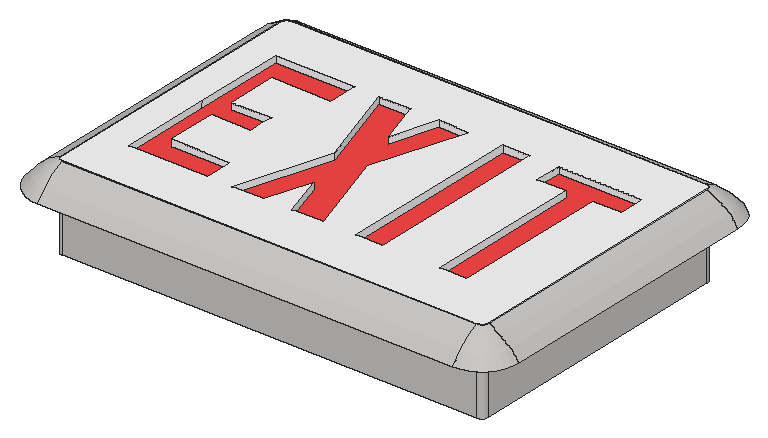
Revit family "SERS", category Lighting Fixtures, host Face, Revit 2014
Parameters (values of type "SERS-R")
  zz Length 1 [instance] = if(Single Face, 0.200", 0.250")  # 0.200"
  Watts = 2.6 W
  Wattage Comments = "2.6W"
  Warranty = "Fixture: 5 Years Full\r\nBattery: 2 Years Full, 8 Years Pro-Rata\r"  # constant formula
  Wall Plate Material = Hubbell - Steel
  Voltage [instance] = if(Is 120VAC, 120 V, 277 V)  # 120 V
  URL = "https://www.hubbell.com/dual-lite/en"
  Type Comments = "Exit Light"  # constant formula
  Single Face = yes
  Product Page URL = "https://www.hubbell.com/dual-lite/en/Products/Lighting-Controls/Emergency-Exit-Lighting/Exit-Message-Signs/SERS-Series/p/222339"
  Product Documentation Link = "https://hubbellcdn.com/specsheet/dlt_sers_specsht.pdf"
  Model = "SEMR"
  Manufacturer = "DUAL-LITE"  # constant formula
  Load Classification = Lighting
  Lens = Hubbell - Red Glass
  Lamp = "LED Lamp"  # constant formula
  Is 277VAC [instance] = not(Is 120VAC)  # no
  Is 120VAC [instance] = yes
  Holder Material = Hubbell - Steel
  Glass = Hubbell - light Glass
  Finish = Hubbell - White
  Features = "The Sempra Recessed series is a compact, low profile, recessed exit\r\nsign. Its two-part design includes exit and rough-in back box make\r\nfor fast, easy installation. It comes with red or green letters, break-out\r\nchevron directional arrows and a variety of colors including: textured\r\nwhite, white with brushed aluminum face, black or black with brushed\r\naluminum face."  # constant formula
  Double Face = yes
  Description = "Recessed exit sign construction is of high-strength cast aluminum in a choice of textured white, white with brushed face, black or black with brushed face finish."  # constant formula
  Default Elevation = 48.000"
  Copyright = "© Hubbell Lighting, Inc.,"
  Certification = "UL 924 Listed\r\nNFPA 101 Life Safety Code\r\nCEC T20 Compliant"  # constant formula
  Application = "The Sempra Recessed series is a compact, low profile, recessed exit\r\nsign. Its two-part design includes exit and rough-in back box make\r\nfor fast, easy installation. It comes with red or green letters, break-out\r\nchevron directional arrows and a variety of colors including: textured\r\nwhite, white with brushed aluminum face, black or black with brushed\r\naluminum face. "  # constant formula
  Apparent Load = Watts  # 2.6 VA
Types (2): name | Lens
  SERS-G | Hubbell - Green Glass
  SERS-R | Hubbell - Red Glass
Reference planes (in)
  plane 1 "Center (Front/Back)": y = 0
  plane 2: z = 0
  plane 3 "Center (Left/Right)": x = 0
  plane 4: z = 0.62992
  plane 5: x = -6.181
  plane 6: x = 6.181
  plane 7: y = 4.25
  plane 8: y = -4.25
  plane 9: z = -1.5
Forms (in)
  Extrusion 1, solid, material "Hubbell - White" <- "Finish"
    sketch origin (0, 0, 0) x (1, 0, 0) y (0, 1, 0)
      loop
        arc (-5.24256, 3.61932) -> (-5.3548, 3.57283) -> (-5.40129, 3.46059) r 0.15873
        line (-5.40129, 3.46059) -> (-5.40129, -3.46059)
        arc (-5.40129, -3.46059) -> (-5.3548, -3.57283) -> (-5.24256, -3.61932) r 0.15873
        line (-5.24256, -3.61932) -> (5.24256, -3.61932)
        arc (5.24256, -3.61932) -> (5.3548, -3.57283) -> (5.40129, -3.46059) r 0.15873
        line (5.40129, -3.46059) -> (5.40129, 3.46059)
        arc (5.40129, 3.46059) -> (5.3548, 3.57283) -> (5.24256, 3.61932) r 0.15873
        line (5.24256, 3.61932) -> (-5.24256, 3.61932)
    from 0.46387 to 0.63
  Sweep 2, solid, material "Hubbell - Steel" <- "Wall Plate Material"
    path in 3D
      loop
        arc (-5.40129, -3.46059, 0.63) -> (-5.3548, -3.57283, 0.63) -> (-5.24256, -3.61932, 0.63) r 0.15873
        line (-5.24256, -3.61932, 0.63) -> (5.24256, -3.61932, 0.63)
        arc (5.24256, -3.61932, 0.63) -> (5.3548, -3.57283, 0.63) -> (5.40129, -3.46059, 0.63) r 0.15873
        line (5.40129, -3.46059, 0.63) -> (5.40129, 3.46059, 0.63)
        arc (5.40129, 3.46059, 0.63) -> (5.3548, 3.57283, 0.63) -> (5.24256, 3.61932, 0.63) r 0.15873
        line (5.24256, 3.61932, 0.63) -> (-5.24256, 3.61932, 0.63)
        arc (-5.24256, 3.61932, 0.63) -> (-5.3548, 3.57283, 0.63) -> (-5.40129, 3.46059, 0.63) r 0.15873
        line (-5.40129, 3.46059, 0.63) -> (-5.40129, -3.46059, 0.63)
    profile origin (-5.40129, 0, 0.63) x (1, 0, 0) y (0, 0, 1)
      loop
        arc (0, 0) -> (-0.43237, -0.26238) -> (-0.77971, -0.63) r 1.89067
        line (-0.77971, -0.63) -> (0, -0.63) -> (0, 0)
  Extrusion 3, void
    sketch origin (0, 0, 0) x (0, 1, 0) y (1, 0, 0)
      loop
        line (2.32082, -2.61391) -> (1.57082, -2.61391) -> (1.57082, -4.11391) -> (0.32082, -4.11391) -> (0.32082, -3.11391) -> (0, -3.11391) -> (-0.32082, -3.11391) -> (-0.32082, -4.11391) -> (-1.57082, -4.11391) -> (-1.57082, -2.61391) -> (-2.32082, -2.61391) -> (-2.32082, -4.61391) -> (0, -4.61391) -> (2.32082, -4.61391) -> (2.32082, -2.61391)
      loop
        line (2.32082, -1.98891) -> (2.32082, -1.18921) -> (1.18794, -0.83564) -> (2.32082, -0.48206) -> (2.32082, 0.31764) -> (0, -0.40669) -> (-2.32082, 0.31764) -> (-2.32082, -0.48206) -> (-1.18794, -0.83564) -> (-2.32082, -1.18921) -> (-2.32082, -1.98891) -> (0, -1.26458) -> (2.32082, -1.98891)
      loop
        line (2.32082, 1.14386) -> (2.32082, 1.82098) -> (-2.32082, 1.82098) -> (-2.32082, 1.14386) -> (2.32082, 1.14386)
      loop
        line (-2.32082, 3.26886) -> (1.66144, 3.26886) -> (1.66144, 2.5366) -> (2.33856, 2.5366) -> (2.33856, 4.67825) -> (1.66144, 4.67825) -> (1.66144, 3.94598) -> (-2.32082, 3.94598) -> (-2.32082, 3.26886)
    from -0.79033 to -0.46387
  Extrusion 4, solid, material "Hubbell - Red Glass" <- "Lens"
    sketch origin (0, 0, 0) x (1, 0, 0) y (0, 1, 0)
      loop
        line (5.24256, 3.61932) -> (-5.24256, 3.61932)
        arc (-5.24256, 3.61932) -> (-5.3548, 3.57283) -> (-5.40129, 3.46059) r 0.15873
        line (-5.40129, 3.46059) -> (-5.40129, -3.46059)
        arc (-5.40129, -3.46059) -> (-5.3548, -3.57283) -> (-5.24256, -3.61932) r 0.15873
        line (-5.24256, -3.61932) -> (5.24256, -3.61932)
        arc (5.24256, -3.61932) -> (5.3548, -3.57283) -> (5.40129, -3.46059) r 0.15873
        line (5.40129, -3.46059) -> (5.40129, 3.46059)
        arc (5.40129, 3.46059) -> (5.3548, 3.57283) -> (5.24256, 3.61932) r 0.15873
    from 0 to 0.46387
  Extrusion 5, solid, material "Hubbell - Steel" <- "Wall Plate Material"
    sketch origin (0, 0, 0) x (1, 0, 0) y (0, 1, 0)
      loop
        line (5.24256, 3.61932) -> (-5.24256, 3.61932)
        arc (-5.24256, 3.61932) -> (-5.3548, 3.57283) -> (-5.40129, 3.46059) r 0.15873
        line (-5.40129, 3.46059) -> (-5.40129, -3.46059)
        arc (-5.40129, -3.46059) -> (-5.3548, -3.57283) -> (-5.24256, -3.61932) r 0.15873
        line (-5.24256, -3.61932) -> (5.24256, -3.61932)
        arc (5.24256, -3.61932) -> (5.3548, -3.57283) -> (5.40129, -3.46059) r 0.15873
        line (5.40129, -3.46059) -> (5.40129, 3.46059)
        arc (5.40129, 3.46059) -> (5.3548, 3.57283) -> (5.24256, 3.61932) r 0.15873
    from -1.5 to 0.10372
Cuts and joins
  Extrusion 3 cuts Extrusion 1
Lines and regions (in)
  sketch lines
    curve 1: line (-5.40129, 3.46059, 0.63) -> (-5.40129, -3.46059, 0.63)
    curve 2: arc (-5.40129, 3.46059, 0.63) -> (-5.3548, 3.57283, 0.63) -> (-5.24256, 3.61932, 0.63) r 0.15873
    curve 3: line (5.40129, -3.46059, 0.63) -> (5.40129, 3.46059, 0.63)
    curve 4: line (5.24256, 3.61932, 0.63) -> (-5.24256, 3.61932, 0.63)
    curve 5: arc (5.24256, 3.61932, 0.63) -> (5.3548, 3.57283, 0.63) -> (5.40129, 3.46059, 0.63) r 0.15873
    curve 6: line (-5.24256, -3.61932, 0.63) -> (5.24256, -3.61932, 0.63)
    curve 7: arc (5.40129, -3.46059, 0.63) -> (5.3548, -3.57283, 0.63) -> (5.24256, -3.61932, 0.63) r 0.15873
    curve 8: arc (-5.24256, -3.61932, 0.63) -> (-5.3548, -3.57283, 0.63) -> (-5.40129, -3.46059, 0.63) r 0.15873
Dimensions and locks (in)
  aligned and locked: plane 2 to host face
  aligned and locked: level to host face
Connectors (in)
  electrical at (0, 0, 0)
    settings: on Sweep 2, index 1, voltage 120 V, apparent load 0 VA, apparent load phase1 0 VA, apparent load phase2 0 VA, apparent load phase3 0 VA, power factor 1, load classification "Other", number of poles 1, system type 30, power factor state 1, is connector primary yes, connector utility no, sub classification motor no, connector description "Lighting Connector"
